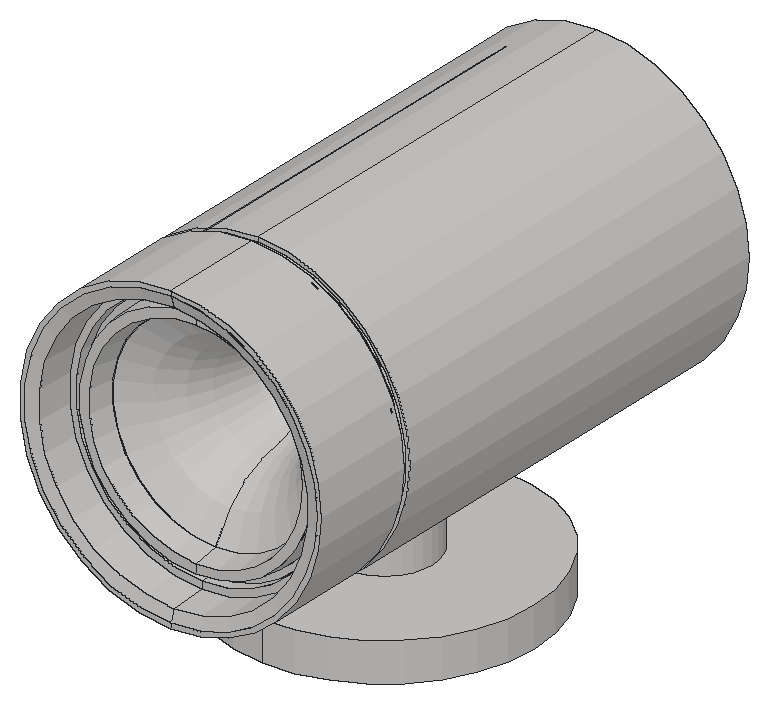
Revit family "Lighting-Luminii-Leto_11_WM-Wet", category Lighting Fixtures, host Face, Revit 2024
Family settings
  Host = Face
  Round Connector Dimension = Use Diameter
  Part Type = Normal
  OmniClass Number = 23.80.70.11.14.21
  OmniClass Title = Spots and Tracklight Specialties
  Cut with Voids When Loaded = No
  Light Source = Yes
  Maintain Annotation Orientation = No
  Shared = Yes
  Room Calculation Point = No
Parameters (values of type "Leto 11 WM")
  Width = 4.92188"  # constant formula
  Wattage Comments = "6.1W"
  Wattage = 6.10022 W
  Warranty URL = "https://www.luminii.com/terms-conditions/"
  built-in parameter 1150110 = 1 (stored number, unit not read)
  Voltage Comments = "120V | 277V | 347V"  # constant formula
  Voltage = 120 V
  Version = "2020 - v1.0a"  # constant formula
  URL = "https://www.luminii.com/"
  built-in parameter 1114217 = 1 (stored number, unit not read)
  Tilt Angle = 0.00°  # constant formula
  built-in parameter 1150109 = 1 (stored number, unit not read)
  built-in parameter 1150134 = (empty or 0)
  built-in parameter 1150113 = 1 (stored number, unit not read)
  Support Phone = "224-699-9545"  # constant formula
  Support Email = "mailto:support@bimsmith.com"
  Product Page URL = "https://www.luminii.com/product/leto-11-wm/"
  Power Source Type = "Driver"  # constant formula
  Power Factor = 1
  Photometric Web File = "Leto 11 W-S-07-35K-F18-DL-18.06.2024.ies"
  Phase = 1
  Operating Temperature = "Consult Manufacturer Website for more Information"  # constant formula
  Number of Poles = if(and(or(Voltage = 120 V, Voltage = 277 V), Phase = 1), 1, if(and(or(Voltage = 208 V, Voltage = 240 V), Phase = 1), 2, if(and(or(Voltage = 208 V, Voltage = 240 V), Phase = 3), 3, if(and(Voltage > 300 V, Phase = 1), 2, if(and(Voltage > 400 V, Phase = 3), 3, 1)))))  # 1
  Mounting Method = "Wall Mount"  # constant formula
  Model = "745"  # constant formula
  Manufacturer Phone Number = "403-216-7043"  # constant formula
  Manufacturer Email = "mailto: info@sensolighting.com"
  Manufacturer Address = "302 50 Ave SE. Calgary, Alberta, T2G 2A9 Canada"  # constant formula
  Manufacturer = "Luminii"  # constant formula
  built-in parameter 1150105 = 55.704 (stored number, unit not read)
  Lumens = 700 lm
  Luminaire Type = "Consult Manufacturer Website for more Information"  # constant formula
  built-in parameter 1150115 = 1 (stored number, unit not read)
  Load Classification = Lighting
  built-in parameter 1150137 = (empty or 0)
  built-in parameter 1150139 = (empty or 0)
  Lens Material = Plastic - Luminii - Frosted Lens
  Length [instance] = 8.66016"  # constant formula
  built-in parameter 1150112 = 1 (stored number, unit not read)
  built-in parameter 1150114 = 1 (stored number, unit not read)
  Lamp Life = 1
  Lamp = "LED"  # constant formula
  Keynote = "26 50 00"
  built-in parameter 1150132 = 2
  built-in parameter 1150102 = (empty or 0)
  built-in parameter 1150107 = 3500 (stored number, unit not read)
  Initial Color Comments = "Perfomance based on 3500K Photometric Web File"  # constant formula
  built-in parameter 1150138 = (empty or 0)
  built-in parameter 1150106 = 0.55704 (stored number, unit not read)
  Housing Protection Rating = "Consult Manufacturer Website for more Information"  # constant formula
  Has Dimming = 1 = 1  # yes
  Has Battery Backup = 0 = 1  # no
  Frequency Comments = ""  # constant formula
  Frequency = 60 Hz
  Finish = Metal - Luminii - Silver Anodized Aluminum
  Environment = "Indoor"  # constant formula
  built-in parameter 1150104 = 10.661 (stored number, unit not read)
  Dimming Type = "Consult Manufacturer Website for more Information"  # constant formula
  Dimming Lamp Color Temperature Shift = <None>
  Description = "Wall Mount Cylinder"  # constant formula
  Depth = 6.46094"  # constant formula
  Default Elevation = 0.00"  # constant formula
  Current Amps = 50 A
  Copyright = "©2023 Luminii"  # constant formula
  Control Zone = "Consult Manufacturer Website for more Information"  # constant formula
  Control Type = "Consult Manufacturer Website for more Information"  # constant formula
  Constraints = 1  # constant formula
  Color Filter = 16777215
  built-in parameter 1114216 [instance] = 0  # (empty or 0)
  built-in parameter 1140040 [instance] = 1 = 1  # 1
  CCT = "3500K"
  built-in parameter 1114218 = 1 (stored number, unit not read)
  built-in parameter 1150133 = 10 (stored number, unit not read)
  Assembly Code = "D5020230"
  Apparent Load = Wattage / Power Factor  # 6.10022 VA
Reference planes (in)
  plane 1 "Center (Front/Back)": y = 0
  plane 2: z = 0
  plane 3 "Center (Left/Right)": x = 0
  plane 4: x = -2.46094
  plane 5: x = 2.46094
  plane 6: y = 4.33008
  plane 7: y = -4.33008
  plane 8: z = 3.78887
Forms (in)
  Extrusion 1, solid, material "Metal - Luminii - Silver Anodized Aluminum", not visible
    sketch origin (0, 0, 0) x (1, 0, 0) y (0, 1, 0)
      loop
        circle (0, 0) r 0.5
    from 0 to -0.17225
Lines and regions (in)
  model lines
    curve 1: line (-2.46063, 0, 0) -> (2.46063, 0, 0)
Dimensions and locks (in)
  equal spacing: plane 4, plane 3 "Center (Left/Right)", plane 5
  equal spacing: plane 6, plane 1 "Center (Front/Back)", plane 7
  locked: plane 6 to plane 7 at 8.66016
  locked: plane 8 to nested 1 at 3.78887
  locked: plane 1 "Center (Front/Back)" to imposter light at 1.96094
  nested 1 to nested 1 = 8.66142"
  locked: plane 4 to plane 5 at 4.92188
  aligned and locked: plane 2 to host face
  aligned and locked: plane 3 "Center (Left/Right)" to Extrusion 1 sketch curve
  aligned and locked: plane 1 "Center (Front/Back)" to Extrusion 1 sketch curve
  aligned and locked: plane 2 to Extrusion 1  (x2)
  aligned and locked: imposter light to plane 3 "Center (Left/Right)"
  aligned and locked: plane 3 "Center (Left/Right)" to nested 1
  aligned and locked: plane 1 "Center (Front/Back)" to nested 1
Automatic sketch dimensions
  host sketch curve to host sketch curve = 96.00"  (x2)
  curve 1 to level = 0.00"
  curve 1 to plane 3 "Center (Left/Right)" = 2.46063"
  plane 3 "Center (Left/Right)" to curve 1 = 2.46063"
  radius of Extrusion 1 sketch curve = 0.50"
Nested families (in)
  nested 1: "Nested - Lamp" at (0, 0, 0), type "Nested - Lamp"
Connectors (in)
  electrical at (0, 0, 0), driven by "Number of Poles", driven by "Load Classification", driven by "Voltage", driven by "Apparent Load", driven by "Power Factor"
    settings: on Extrusion 1, index 1, voltage 120 V, apparent load 6.10022 VA, apparent load phase1 0 VA, apparent load phase2 0 VA, apparent load phase3 0 VA, power factor 1, load classification "Lighting", number of poles 1, system type 30, power factor state 1, is connector primary yes, connector utility no, sub classification motor no, connector description "Power Connection"
Definition of nested family "Nested - Lamp"
  Parameters (values of type "Nested - Lamp")
    Screen Material = none
    Finish = none
    Default Elevation = 48.00"
  Reference planes (in)
    plane 1 "Center (Front/Back)": y = 0
    plane 2: z = 0
    plane 3 "Center (Left/Right)": x = 0
    plane 4: z = 3.78887
  Forms (in)
    Extrusion 1, solid
      sketch origin (0, 0, 0) x (1, 0, 0) y (0, 1, 0)
        loop
          line (-48, 48) -> (-48, -48) -> (48, -48) -> (48, 48) -> (-48, 48)
      from 0 to -12
    Revolve 2, solid, material <- "Finish", detail levels medium+fine
      sketch origin (0, 0, 0) x (0, 1, 0) y (0, 0, 1)
        loop
          line (-4.33071, 1.32824) -> (-2.67717, 1.32824) -> (-2.67717, 1.3912) -> (-2.65443, 1.41393) -> (-2.58179, 1.41393) -> (-2.55906, 1.3912) -> (-2.55906, 1.32824) -> (4.33071, 1.32824) -> (4.33071, 1.4621) -> (4.20866, 1.4621) -> (4.20866, 3.78887) -> (4.13386, 3.78887) -> (4.13386, 1.52509) -> (-3.35469, 1.52509) -> (-3.35469, 2.11614) -> (-3.4252, 2.11614) -> (-3.8189, 2.04672) -> (-3.8189, 1.89723) -> (-3.54331, 1.8585) -> (-3.54331, 1.75574) -> (-3.70233, 1.74182) -> (-3.70233, 1.62607) -> (-4.27552, 1.59603) -> (-4.33071, 1.40675) -> (-4.33071, 1.32824)
        axis (4.33071, 3.78887) -> (-4.33071, 3.78887)
      angle from 0 to 360
    Revolve 3, solid
      sketch origin (0, 0, 0) x (0, 1, 0) y (0, 0, 1)
        loop
          spline (-3.35469, 2.11614) -> (-3.21791, 2.34536) -> (-3.07298, 2.52767) -> (-2.92188, 2.67013) -> (-2.76618, 2.77954) -> (-2.60713, 2.86253) -> (-2.44613, 2.92553) -> (-2.28487, 2.9746) -> (-2.12511, 3.01579) -> (-1.96865, 3.05551) -> (-1.81731, 3.10038) -> (-1.67332, 3.15729) -> (-1.53937, 3.23356)
          line (-1.53937, 3.23356) -> (-1.53937, 2.80462) -> (-1.30315, 2.80462) -> (-1.30315, 3.78887) -> (-1.44094, 3.78887) -> (-1.44094, 3.33182)
          arc (-1.44094, 3.33182) -> (-1.49107, 3.321) -> (-1.53937, 3.30375) r 0.39344
          spline (-1.53937, 3.30375) -> (-1.66883, 3.22901) -> (-1.81084, 3.17183) -> (-1.96314, 3.12564) -> (-2.12347, 3.08383) -> (-2.2896, 3.03982) -> (-2.45925, 2.98701) -> (-2.63018, 2.9188) -> (-2.80014, 2.82861) -> (-2.96688, 2.70985) -> (-3.12813, 2.55591) -> (-3.28166, 2.3602) -> (-3.4252, 2.11614)
          line (-3.4252, 2.11614) -> (-3.35469, 2.11614)
        axis (-1.30315, 3.78887) -> (-3.4252, 3.78887)
      angle from 0 to 360
    Revolve 4, solid, material <- "Screen Material"
      sketch origin (0, 0, 0) x (0, 1, 0) y (0, 0, 1)
        loop
          arc (-1.80914, 3.78887) -> (-1.70564, 3.49541) -> (-1.44094, 3.33182) r 0.46777
          line (-1.44094, 3.33182) -> (-1.44094, 3.78887) -> (-1.80914, 3.78887)
        axis (-1.80914, 3.78887) -> (-1.44094, 3.78887)
      angle from 0 to 360
    Revolve 5, solid, material <- "Finish"
      sketch origin (0, 0, 0) x (0, 1, 0) y (0, 0, 1)
        loop
          line (0.78761, 0.62992) -> (0.78761, 1.44136) -> (0, 1.44136) -> (0, 0) -> (2.46063, 0) -> (2.46063, 0.62992) -> (0.78761, 0.62992)
        axis (0, 1.44136) -> (0, 0)
      angle from 0 to 360
    Revolve 6, solid, material <- "Finish", detail levels coarse
      sketch origin (0, 0, 0) x (0, 1, 0) y (0, 0, 1)
        loop
          line (-4.33071, 1.32824) -> (4.33071, 1.32824) -> (4.33071, 1.4621) -> (4.20866, 1.4621) -> (4.20866, 3.78887) -> (4.13386, 3.78887) -> (4.13386, 1.52509) -> (-3.35469, 1.52509) -> (-3.35469, 2.11614) -> (-3.8189, 2.11614) -> (-3.8189, 1.61996) -> (-4.33071, 1.59314) -> (-4.33071, 1.32824)
        axis (4.33071, 3.78887) -> (-4.33071, 3.78887)
      angle from 0 to 360
  Dimensions and locks (in)
    aligned and locked: plane 2 to Extrusion 1
    aligned and locked: level to Extrusion 1
